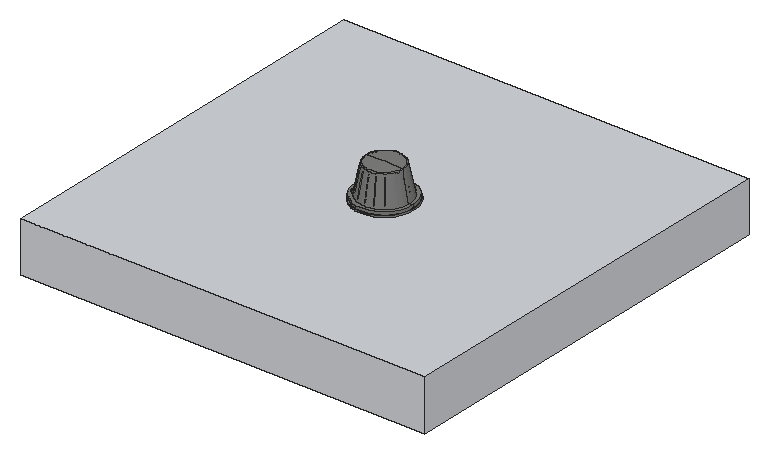
Revit family
Parameters (values of type "4"")
  URL = "WWW.MIFAB.COM"
  Roof Drain Material = Roof Drain
  Pipe Length = 6.59443"
  Nominal Radius = Nominal Diameter / 2  # 2.000"
  Nominal Diameter = 4.000"
  Model = "R1200-90"
  Manufacturer = "MIFAB"
  Description = "LARGE SUMP ROOF DRAIN WITH SIDE OUTLET"
  Default Elevation = 48.000"
  Body Height = 5.750"
Types (4): name | Nominal Radius | Nominal Diameter
  (no name) | 2.000" | 4.000"
  4" | 2.000" | 4.000"
  3" | 1.500" | 3.000"
  2" | 1.000" | 2.000"
Reference planes (in)
  plane 1 "Center (Front/Back)": y = 0
  plane 2: z = 0
  plane 3 "Center (Left/Right)": x = 0
  plane 4: x = -7.0625
  plane 5: z = 8
  plane 6: x = 7.0625
  plane 7: z = -5.75
  plane 8: z = 0.3662
  plane 9: z = 0.7638
  plane 10: z = 1.01491
  plane 11: z = -1.65
  plane 12: z = -3.65
  plane 13: x = 6.59443
  plane 14: x = 1.44332
  plane 15: z = -5.65
  plane 16: z = -5.54734
  plane 17: z = -1.75266
  plane 18: z = -0.94167
  plane 19: z = 7.2
  plane 20: z = 1.5
Forms (in)
  Extrusion 1, solid
    sketch origin (0, 0, 0) x (1, 0, 0) y (0, 1, 0)
      loop
        line (-48, 48) -> (-48, -48) -> (48, -48) -> (48, 48) -> (-48, 48)
    from 0 to -12
  Revolve 2, solid, material "Roof Drain" <- "Roof Drain Material"
    sketch origin (0, 0, 0) x (1, 0, 0) y (0, 0, 1)
      loop
        line (-4.42976, 7.681) -> (-5.91157, 0.57546) -> (-6.33009, 0.57546) -> (-6.33009, 0.3662) -> (-5.74044, 0.3662) -> (-4.26992, 7.62935)
        arc (-4.26992, 7.62935) -> (-2.13648, 7.75038) -> (0, 7.79074) r 56.5639
        line (0, 7.79074) -> (0, 8)
        arc (0, 8) -> (-2.12238, 7.96032) -> (-4.24179, 7.84132) r 56.77316
        arc (-4.24179, 7.84132) -> (-4.36196, 7.79185) -> (-4.42976, 7.681) r 0.20926
      axis (0, 8) -> (0, 0.3662)
    angle from 0 to 360
  Revolve 3, solid, material "Roof Drain" <- "Roof Drain Material"
    sketch origin (0, 0, 0) x (1, 0, 0) y (0, 0, 1)
      loop
        line (-7.0625, 0.3662) -> (-7.0625, 0) -> (-4.28458, 0) -> (-4.28458, 0.3662) -> (-6.46611, 0.3662) -> (-6.46611, 0.7638) -> (-5.99528, 0.7638) -> (-5.99528, 1.01491) -> (-6.80093, 1.01491) -> (-6.80093, 0.3662) -> (-7.0625, 0.3662)
      axis (0, 1.01491) -> (0, 0)
    angle from 0 to 360
  Revolve 4, solid, material "Roof Drain" <- "Roof Drain Material"
    sketch origin (0, 0, 0) x (1, 0, 0) y (0, 0, 1)
      loop
        line (-6.20708, 0) -> (-6.20708, -0.26157) -> (-4.73647, -0.26157) -> (-4.71584, -0.94167) -> (-4.19208, -0.94167) -> (-4.19208, -2.40845)
        arc (-4.19208, -2.40845) -> (-3.23326, -4.75142) -> (-0.90696, -5.75) r 3.34203
        line (-0.90696, -5.75) -> (0, -5.75) -> (0, -5.45037) -> (-1.05874, -5.45037)
        arc (-1.05874, -5.45037) -> (-3.07863, -4.48938) -> (-3.89912, -2.40845) r 3.04907
        line (-3.89912, -2.40845) -> (-3.89912, 0) -> (-6.20708, 0)
      axis (0, 0) -> (0, -5.75)
    angle from 0 to 360
  Revolve 5, void
    sketch origin (0, 0, 0) x (1, 0, 0) y (0, 0, 1)
      loop
        line (-0.875, -5.43359) -> (0, -5.43359) -> (0, 0) -> (-3.875, 0) -> (-3.875, -2.43359)
        arc (-3.875, -2.43359) -> (-2.99632, -4.55491) -> (-0.875, -5.43359) r 3
      axis (0, 0) -> (0, -5.43359)
    angle from 0 to 360
  Extrusion 6, solid, material "Roof Drain" <- "Roof Drain Material"
    sketch origin (0, 0, 0) x (0, 1, 0) y (0, 0, 1)
      loop
        circle (0, -3.65) r 2
      loop
        circle (0, -3.65) r 1.8
    from 1.44332 to 6.59443
  Extrusion 7, void
    sketch origin (0, 0, 0) x (0, 1, 0) y (0, 0, 1)
      loop
        circle (0, -3.65) r 1.89734
    from 1.44332 to 6.59443
  Extrusion 8, void
    sketch origin (0, 0, 0) x (0.5, 0.866025, 0) y (0, 0, 1)
      loop
        line (-0.15, 7.2) -> (-0.15, 1.5) -> (0.15, 1.5) -> (0.15, 7.2) -> (-0.15, 7.2)
    from -6.17407 to 6.38275
  Extrusion 9, void
    sketch origin (0, 0, 0) x (-0.173648, 0.984808, 0) y (0, 0, 1)
      loop
        line (-0.15, 7.2) -> (-0.15, 1.5) -> (0.15, 1.5) -> (0.15, 7.2) -> (-0.15, 7.2)
    from -6.17407 to 6.38275
  Extrusion 10, void
    sketch origin (0, 0, 0) x (-0.5, 0.866025, 0) y (0, 0, 1)
      loop
        line (-0.15, 7.2) -> (-0.15, 1.5) -> (0.15, 1.5) -> (0.15, 7.2) -> (-0.15, 7.2)
    from -6.17407 to 6.38275
  Extrusion 11, void
    sketch origin (0, 0, 0) x (-0.766044, 0.642788, 0) y (0, 0, 1)
      loop
        line (-0.15, 7.2) -> (-0.15, 1.5) -> (0.15, 1.5) -> (0.15, 7.2) -> (-0.15, 7.2)
    from -6.17407 to 6.38275
  Extrusion 12, void
    sketch origin (0, 0, 0) x (-0.939693, 0.34202, 0) y (0, 0, 1)
      loop
        line (-0.15, 7.2) -> (-0.15, 1.5) -> (0.15, 1.5) -> (0.15, 7.2) -> (-0.15, 7.2)
    from -6.17407 to 6.38275
  Extrusion 13, void
    sketch origin (0, 0, 0) x (-1, 0, 0) y (0, 0, 1)
      loop
        line (-0.15, 7.2) -> (-0.15, 1.5) -> (0.15, 1.5) -> (0.15, 7.2) -> (-0.15, 7.2)
    from -6.17407 to 6.38275
  Extrusion 14, void
    sketch origin (0, 0, 0) x (-0.939693, -0.34202, 0) y (0, 0, 1)
      loop
        line (-0.15, 7.2) -> (-0.15, 1.5) -> (0.15, 1.5) -> (0.15, 7.2) -> (-0.15, 7.2)
    from -6.17407 to 6.38275
  Extrusion 15, void
    sketch origin (0, 0, 0) x (-0.766044, -0.642788, 0) y (0, 0, 1)
      loop
        line (-0.15, 7.2) -> (-0.15, 1.5) -> (0.15, 1.5) -> (0.15, 7.2) -> (-0.15, 7.2)
    from -6.17407 to 6.38275
  Extrusion 16, void
    sketch origin (0, 0, 0) x (-0.173648, -0.984808, 0) y (0, 0, 1)
      loop
        line (-0.15, 7.2) -> (-0.15, 1.5) -> (0.15, 1.5) -> (0.15, 7.2) -> (-0.15, 7.2)
    from -6.17407 to 6.38275
  Extrusion 17, solid, material "Roof Drain" <- "Roof Drain Material"
    sketch origin (0, 0, 0) x (0, 1, 0) y (0, 0, 1)
      loop
        line (0.5, -1.71351) -> (0.5, 0) -> (-0.5, 0) -> (-0.5, -1.71351)
        arc (-0.5, -1.71351) -> (0, -1.65) -> (0.5, -1.71351) r 2
    from 3.83009 to 6.59443
Cuts and joins
  Extrusion 7 cuts Revolve 4
  Revolve 5 cuts Extrusion 6
  joined: Revolve 4, Extrusion 6
  Extrusion 8, Extrusion 9, Extrusion 10, Extrusion 11, Extrusion 12, Extrusion 13, Extrusion 14, Extrusion 15, Extrusion 16 cuts Revolve 2
Lines and regions (in)
  symbolic lines
    curve 1: circle (0, 0, 0) r 7.0625 normal (0, 0, 1)
    curve 2: circle (0, 0, 0) r 4.42976 normal (0, 0, 1)
Dimensions and locks (in)
  locked: plane 5 to level at 8
  plane 4 to plane 3 "Center (Left/Right)" to plane 6 = 7.0625" locked, 7.0625" locked
  "Body Height": level to plane 7
  plane 10 to plane 9 to plane 8 to level = 0.25111" locked, 0.39759" locked, 0.3662" locked
  locked: Revolve 4 sketch curve to plane 7 at 0.29963
  "Nominal Diameter": plane 11 to plane 15
  "Pipe Length": plane 13 to plane 3 "Center (Left/Right)"
  locked: plane 3 "Center (Left/Right)" to plane 14 at 1.44332
  locked: plane 15 to plane 7 at 0.1
  locked: plane 11 to Extrusion 6 sketch curve at 0.2
  locked: plane 15 to Extrusion 6 sketch curve at 0.2
  equal spacing: plane 11, plane 12, plane 15
  locked: plane 15 to plane 16 at 0.10266
  locked: plane 11 to plane 17 at 0.10266
  locked: level to plane 18 at 0.94167
  locked: level to Revolve 4 sketch curve at 0.26157
  Revolve 5 sketch curve to plane 3 "Center (Left/Right)" = 3.875"
  locked: Revolve 5 sketch curve to plane 7 at 3.31641
  locked: plane 20 to level at 1.5
  locked: plane 5 to plane 19 at 0.8
  "Nominal Radius": radius of Extrusion 17 sketch curve
  aligned and locked: plane 2 to Extrusion 1
  aligned and locked: level to Extrusion 1
  aligned and locked: Revolve 3 sketch curve to plane 4
  aligned and locked: Revolve 3 sketch curve to plane 8  (x2)
  aligned and locked: Revolve 3 sketch curve to plane 2
  aligned and locked: Revolve 3 sketch curve to plane 3 "Center (Left/Right)"
  aligned and locked: plane 9 to Revolve 3 sketch curve
  aligned and locked: Revolve 3 sketch curve to plane 10
  aligned and locked: Revolve 4 sketch curve to plane 3 "Center (Left/Right)"  (x2)
  aligned and locked: Revolve 4 sketch curve to plane 7
  aligned and locked: Revolve 5 sketch curve to level
  aligned and locked: Revolve 5 sketch curve to plane 3 "Center (Left/Right)"  (x2)
  aligned and locked: plane 11 to Extrusion 6 sketch curve
  aligned and locked: plane 15 to Extrusion 6 sketch curve
  aligned and locked: plane 13 to Extrusion 6
  aligned and locked: plane 14 to Extrusion 6
  aligned and locked: plane 13 to Extrusion 7
  aligned: Extrusion 7 to plane 3 "Center (Left/Right)"
  aligned and locked: Extrusion 7 sketch curve to plane 17
  aligned and locked: plane 16 to Extrusion 7 sketch curve
  aligned and locked: plane 14 to Extrusion 7
  aligned and locked: plane 18 to Revolve 4 sketch curve
  aligned and locked: plane 1 "Center (Front/Back)" to Extrusion 17 sketch curve
  aligned and locked: plane 12 to Extrusion 17 sketch curve
  aligned and locked: Extrusion 17 sketch curve to level
  aligned and locked: plane 13 to Extrusion 17
Automatic sketch dimensions
  Extrusion 1 sketch curve to Extrusion 1 sketch curve = 96.000"  (x2)
  Revolve 2 sketch curve to Revolve 2 sketch curve = 0.000"  (x3)
  Revolve 2 sketch curve to plane 3 "Center (Left/Right)" = 0.000"  (x2)
  plane 5 to Revolve 2 sketch curve = 0.37065"
  plane 4 to Revolve 2 sketch curve = 2.79258"
  Revolve 2 sketch curve to Revolve 2 sketch curve = 0.04376"
  plane 5 to Revolve 2 sketch curve = 0.15868"
  Revolve 2 sketch curve to Revolve 2 sketch curve = 0.01563"
  plane 5 to Revolve 2 sketch curve = 0.319"
  Revolve 2 sketch curve to Revolve 2 sketch curve = 0.2036"
  level to Revolve 2 sketch curve = 0.3662"
  plane 4 to Revolve 2 sketch curve = 1.32206"
  Revolve 2 sketch curve to Revolve 2 sketch curve = 0.17114"
  Revolve 2 sketch curve to Revolve 2 sketch curve = 0.41852"
  Revolve 2 sketch curve to plane 7 = 18.45463"
  Revolve 2 sketch curve to Revolve 2 sketch curve = 0.20926"
  Revolve 2 sketch curve to Revolve 2 sketch curve = 94.71882"
  plane 4 to Revolve 3 sketch curve = 0.26157"
  Revolve 3 sketch curve to Revolve 3 sketch curve = 0.47083"
  Revolve 3 sketch curve to Revolve 3 sketch curve = 1.71069"
  Revolve 3 sketch curve to Revolve 3 sketch curve = 0.33481"
  Revolve 3 sketch curve to plane 7 = 18.455"
  Revolve 3 sketch curve to plane 5 = 94.71882"
  Extrusion 6 sketch curve to Extrusion 6 sketch curve = 0.000"
  Extrusion 6 sketch curve to plane 1 "Center (Front/Back)" = 0.000"
  Extrusion 7 sketch curve to plane 1 "Center (Front/Back)" = 0.000"
  curve 1 to curve 2 = 0.000"  (x2)
  plane 1 "Center (Front/Back)" to curve 2 = 0.000"
  curve 2 to plane 3 "Center (Left/Right)" = 0.000"
  Revolve 4 sketch curve to Revolve 4 sketch curve = 0.000"  (x2)
  Revolve 4 sketch curve to level = 0.000"
  Revolve 4 sketch curve to plane 3 "Center (Left/Right)" = 0.85005"
  Revolve 4 sketch curve to plane 3 "Center (Left/Right)" = 0.90696"
  Revolve 4 sketch curve to Revolve 4 sketch curve = 0.15178"
  plane 4 to Revolve 4 sketch curve = 3.16338"
  Revolve 4 sketch curve to Revolve 4 sketch curve = 0.52376"
  Revolve 4 sketch curve to Revolve 4 sketch curve = 0.02063"
  plane 4 to Revolve 4 sketch curve = 0.85542"
  Revolve 4 sketch curve to plane 7 = 18.455"
  Revolve 4 sketch curve to plane 5 = 94.71882"
  Revolve 5 sketch curve to plane 7 = 18.25197"
  Revolve 5 sketch curve to plane 5 = 94.71882"
  Revolve 5 sketch curve to plane 15 = 0.21641"
  Revolve 5 sketch curve to plane 3 "Center (Left/Right)" = 0.875"
  Extrusion 8 sketch curve to Extrusion 8 sketch curve = 0.300"
  Extrusion 8 sketch curve to Extrusion 8 sketch curve = 5.700"
  Extrusion 9 sketch curve to Extrusion 9 sketch curve = 0.300"
  Extrusion 9 sketch curve to Extrusion 9 sketch curve = 5.700"
  Extrusion 10 sketch curve to Extrusion 10 sketch curve = 0.300"
  Extrusion 10 sketch curve to Extrusion 10 sketch curve = 5.700"
  Extrusion 11 sketch curve to Extrusion 11 sketch curve = 0.300"
  Extrusion 11 sketch curve to Extrusion 11 sketch curve = 5.700"
  Extrusion 12 sketch curve to Extrusion 12 sketch curve = 0.300"
  Extrusion 12 sketch curve to Extrusion 12 sketch curve = 5.700"
  Extrusion 13 sketch curve to Extrusion 13 sketch curve = 0.300"
  Extrusion 13 sketch curve to Extrusion 13 sketch curve = 5.700"
  Extrusion 14 sketch curve to Extrusion 14 sketch curve = 0.300"
  Extrusion 14 sketch curve to Extrusion 14 sketch curve = 5.700"
  Extrusion 15 sketch curve to Extrusion 15 sketch curve = 0.300"
  Extrusion 15 sketch curve to Extrusion 15 sketch curve = 5.700"
  Extrusion 16 sketch curve to Extrusion 16 sketch curve = 0.300"
  Extrusion 16 sketch curve to Extrusion 16 sketch curve = 5.700"
  Extrusion 17 sketch curve to plane 11 = 0.06351"  (x2)
  radius of curve 1 = 7.0625"
  radius of curve 2 = 4.42976"
Connectors (in)
  piping at (6.59443, 0, -3.65), driven by "Nominal Radius"
    settings: on cut or joined group of Revolve 4, Revolve 5, Extrusion 6, Extrusion 7, index 1, connector radius 2", flow factor 0, pipe flow 0 GPM, pressure drop 0.00 psi, fitting loss kfactor 0, connector angle 0.00°, fixture units 0, flow configuration 0, flow direction 1, fitting loss method 0, system type 16, connector reference index -1, connector utility 0, adjustable connector no, is connector primary yes, fitting loss table "", connector description ""
